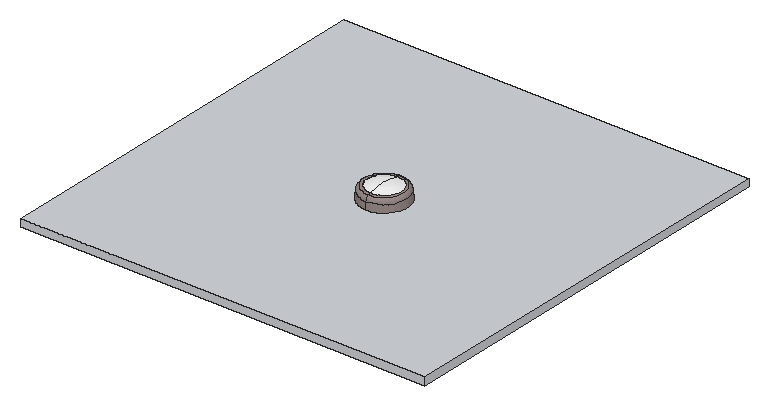
Revit family "EVS", category Lighting Fixtures, host Face, Revit 2021
Family settings
  Host = Face
  Round Connector Dimension = Use Diameter
  Part Type = Normal
  OmniClass Number = 23.80.70.11.14.17
  OmniClass Title = Direct/Indirect
  Cut with Voids When Loaded = No
  Light Source = Yes
  Shared = Yes
  Room Calculation Point = No
Parameters (values of type "EVS")
  Watts = 30 W
  Wattage Comments = "30W"
  Wattage = 30 W
  Warranty = "5 year Warranty"  # constant formula
  built-in parameter 1150110 = 1 (stored number, unit not read)
  Voltage = 120 V
  URL = "https://www.currentlighting.com/dual-lite"
  built-in parameter 1114217 = 1 (stored number, unit not read)
  Tilt Angle = -90°
  built-in parameter 1150109 = 1 (stored number, unit not read)
  built-in parameter 1150134 = 3
  built-in parameter 1150113 = 1 (stored number, unit not read)
  Product Page URL = ""
  Product Documentation URL = ""
  Power Factor = 1
  Photometric Web File = "EVS_20.00971 AC.ies"
  Model = "EVS Series"  # constant formula
  Manufacturer = "Dual Light"  # constant formula
  built-in parameter 1150105 = 238.73 (stored number, unit not read)
  Lumens = 3000 lm
  built-in parameter 1150115 = 1 (stored number, unit not read)
  Load Classification = Lighting
  built-in parameter 1150137 = (empty or 0)
  built-in parameter 1150139 = (empty or 0)
  built-in parameter 1150112 = 1 (stored number, unit not read)
  built-in parameter 1150114 = 1 (stored number, unit not read)
  Lamp = "LED"  # constant formula
  built-in parameter 1150132 = (empty or 0)
  built-in parameter 1150102 = (empty or 0)
  built-in parameter 1150107 = 3200 (stored number, unit not read)
  built-in parameter 1150138 = (empty or 0)
  built-in parameter 1150106 = 2.3873 (stored number, unit not read)
  Housing Material = Paint -Brushed Nickel
  Glass = Glass
  Fixture distribution = "Direct"  # constant formula
  Features = "Offered in AC only, AC and Emergency, with Heater Option\r\n• Includes Self-Test , Self-Diagnostics\r\n• 1200 Lumens in AC normally-On, and 350 Lumens in\r\nEmergency\r\n• 4000K color temperature\r\n• LED life-cycle of 50,000 hours\r\n• Dual-voltage 120 or 277 VAC input, 50/60Hz.\r\n• Emergency models designed for 90 minute runtime\r\n• AC and Heater Option Models:-30°C to 40°C(-22°F to 104°F)\r\n• Emergency Models: 0°C to 40°C(32°F to 104°F)"  # constant formula
  Emit from Circle Diameter = 8.500"
  Emit Shape Visible in Rendering = no
  built-in parameter 1150104 = 9.2903 (stored number, unit not read)
  Dimming Lamp Color Temperature Shift = <None>
  Description = "The EVS is specifically designed for general illumination in residential and commercial applications for indoor/outdoor protected environments"  # constant formula
  Default Elevation = 48.000"
  Copyright = " ©2020 Dual Light"  # constant formula
  Contact = ""
  Connector Description = "Lighting Connector"  # constant formula
  Color Filter = 16777215
  built-in parameter 1114218 = 1 (stored number, unit not read)
  built-in parameter 1150133 = 10 (stored number, unit not read)
  Assembly Code = "D5020200"
  Apparent Load = Watts / Power Factor  # 30 VA
Reference planes (in)
  plane 1 "Center (Front/Back)": y = 0
  plane 2: z = 0.5561
  plane 3 "Center (Left/Right)": x = 0
  plane 4: x = -12
  plane 5: x = 12
  plane 6: x = -8
  plane 7: x = 8
  plane 8: x = -2.9
  plane 9: x = 2.9
  plane 10: y = 5.5
  plane 11: y = -5.5
  plane 12: z = 4.0561
Forms (in)
  Extrusion 1, solid
    sketch origin (0, 0, 0) x (1, 0, 0) y (0, 1, 0)
      loop
        line (-48, 48) -> (-48, -48) -> (48, -48) -> (48, 48) -> (-48, 48)
    from 0.5561 to -1.25
  Revolve 2, solid, material "Paint -Brushed Nickel" <- "Housing Material"
    sketch origin (0, 0, 0) x (0, 1, 0) y (0, 0, 1)
      loop
        line (0, 0.5561) -> (0, 3.43574) -> (-3.99329, 3.43574)
        arc (-3.99329, 3.43574) -> (-4.31929, 3.42151) -> (-4.63051, 3.32338) r 1.25
        arc (-4.63051, 3.32338) -> (-5.12617, 2.90747) -> (-5.34748, 2.29944) r 1.25
        line (-5.34748, 2.29944) -> (-5.5, 0.5561) -> (0, 0.5561)
      axis (0, 3.43574) -> (0, 0.5561)
    angle from 0 to 360
  Revolve 3, solid, material "Glass" <- "Glass"
    sketch origin (0, 0, 0) x (0, 1, 0) y (0, 0, 1)
      loop
        line (0, 3.43574) -> (0, 4.0561)
        arc (0, 4.0561) -> (-2.02498, 3.92831) -> (-3.99329, 3.43574) r 11.15255
        line (-3.99329, 3.43574) -> (0, 3.43574)
      axis (0, 4.0561) -> (0, 3.43574)
    angle from 0 to 360
Dimensions and locks (in)
  equal spacing: plane 5, plane 3 "Center (Left/Right)", plane 4
  plane 5 to plane 4 = 24.000"
  locked: plane 6 to plane 4 at 4
  locked: plane 5 to plane 7 at 4
  aligned and locked: plane 2 to Extrusion 1
Automatic sketch dimensions
  Extrusion 1 sketch curve to Extrusion 1 sketch curve = 96.000"  (x2)
  Revolve 2 sketch curve to Revolve 2 sketch curve = 0.000"  (x2)
  Revolve 2 sketch curve to plane 11 = 0.000"
  Revolve 2 sketch curve to plane 1 "Center (Front/Back)" = 0.000"  (x2)
  Revolve 2 sketch curve to plane 2 = 0.000"
  Revolve 2 sketch curve to plane 11 = 0.15252"
  Revolve 2 sketch curve to Revolve 2 sketch curve = 1.24524"  (x2)
  Revolve 2 sketch curve to plane 12 = 0.62036"
  Revolve 2 sketch curve to Revolve 2 sketch curve = 0.10894"
  Revolve 2 sketch curve to Revolve 2 sketch curve = 0.63722"
  Revolve 2 sketch curve to level = 14.9439"
  plane 12 to Revolve 2 sketch curve = 25.000"
  Revolve 3 sketch curve to plane 1 "Center (Front/Back)" = 0.000"  (x2)
  Revolve 3 sketch curve to plane 12 = 0.000"
  plane 1 "Center (Front/Back)" to Revolve 3 sketch curve = 0.31296"
  Revolve 3 sketch curve to plane 12 = 0.62036"
  plane 1 "Center (Front/Back)" to Revolve 3 sketch curve = 3.99329"
  Revolve 3 sketch curve to Revolve 3 sketch curve = 16.90794"
  plane 12 to Revolve 3 sketch curve = 35.48837"
Connectors (in)
  electrical at (0, 0, 0.5561), driven by "Load Classification", driven by "Voltage", driven by "Apparent Load", driven by "Power Factor", driven by "Connector Description"
    settings: on Revolve 2, index 1, voltage 120 V, apparent load 30 VA, apparent load phase1 0 VA, apparent load phase2 0 VA, apparent load phase3 0 VA, power factor 1, load classification "Lighting", number of poles 1, system type 30, power factor state 1, is connector primary yes, connector utility no, sub classification motor no, connector description "Lighting Connector"
